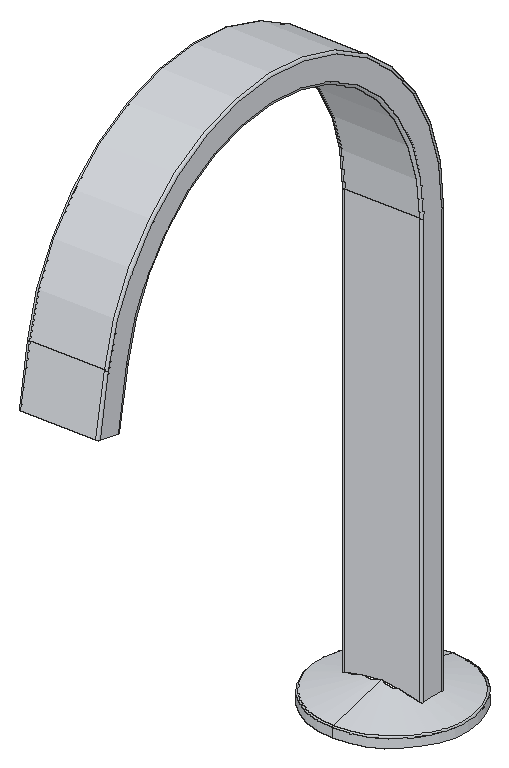
Revit family "Faucet-Lavatory-Spout-KOHLER-COMPONENTS-K-77968BR", category Plumbing Fixtures, host Face, Revit 2017
Family settings
  Host = Face
  Round Connector Dimension = Use Diameter
  Part Type = Normal
  OmniClass Number = 23.31.11.00
  OmniClass Title = Faucets
  Cut with Voids When Loaded = No
  Shared = No
  Room Calculation Point = No
Parameters (values of type "CP- Polished Chrome")
  Width = 2 93/256"  # constant formula
  WaterSense Certified = 1 = 0  # no
  Waste Water Outlet = "Waste Water Outlet"  # constant formula
  Waste Connection = 1 = 0  # no
  Vent Connection = 1 = 0  # no
  URL = "https://br.kohler.com/"
  Type = 1
  Spout Reach = Length  # 6 5/16"
  Product Page URL = "https://br.kohler.com/product-detail/77968br?skuid=K-77968BR-CP"
  Product Name = "COMPONENTS"  # constant formula
  Product Documentation Link = ""
  Pressure = 0.00 psi  # constant formula
  Model = if(Type = 1, "K-77968BR-CP", if(Type = 2, "K-77968BR-BN", if(Type = 3, "K-77968BR-RGD", if(Type = 4, "K-77968BR-BL", "NA"))))  # "K-77968BR-CP"
  Material = "Premium Metal Construction"  # constant formula
  Master Format 2014 Name = "Residential Faucets, Supplies, and Trim"  # constant formula
  Master Format 2014 = "22 41 39"  # constant formula
  Manufacturer Address = "Rio de Janeiro MULTIREPAROS RUA BATISTA DA COSTA, Nº 352 | STORE B Rio de Janeiro SÃO GONÇALO 24450-470"  # constant formula
  Manufacturer = "KOHLER Co."  # constant formula
  Length = 6 5/16"  # constant formula
  Hot Water Inlet = "Hot Water Inlet"  # constant formula
  Height = 10 3/8"  # constant formula
  HW Connection = 1 = 1  # yes
  Flow Rate = 0 GPM  # constant formula
  Finish = Kohler-Metal-CP-Polished_Chrome
  Environmental Product Declaration = ""
  Drain Included = 1 = 1  # yes
  Description = "Ribbon spout for washbasin mixer"  # constant formula
  Default Elevation = 36"
  Declare Label = ""
  Date Modified = "09/14/2021"  # constant formula
  Date Created = "09/14/2021"  # constant formula
  Copyright = "Copyright KOHLER Co."  # constant formula
  Contact Us = "https://br.kohler.com/asr-listing"
  Cold Water Inlet = "Cold Water Inlet"  # constant formula
  CW Connection = 1 = 1  # yes
  Assembly Code = "D2010"
  ADA Compliant = 1 = 0  # no
Types (5): name | Type | Product Page URL | Model | Finish
  (no name) | 1 | "https://br.kohler.com/product-detail/77968br?skuid=K-77968BR-CP" | "K-77968BR-CP" | Kohler-Metal-CP-Polished_Chrome
  CP- Polished Chrome | 1 | "https://br.kohler.com/product-detail/77968br?skuid=K-77968BR-CP" | "K-77968BR-CP" | Kohler-Metal-CP-Polished_Chrome
  BN-Vibrant Brushed Nickel | 2 | "https://br.kohler.com/product-detail/77968br?skuid=K-77968BR-BN" | "K-77968BR-BN" | Kohler-Metal-BN-Vibrant_Brushed_Nickel
  RGD-Polished Rose Gold | 3 | "https://br.kohler.com/product-detail/77968br?skuid=K-77968BR-RGD" | "K-77968BR-RGD" | Kohler-Metal-RGD-Polished_Rose_Gold
  BL-Matte Black | 4 | "https://br.kohler.com/product-detail/77968br?skuid=K-77968BR-BL" | "K-77968BR-BL" | Kohler-Metal-BL-Matte_Black
Reference planes (in)
  plane 1 "Center (Front/Back)": y = 0
  plane 2: z = 0
  plane 3 "Center (Left/Right)": x = 0
  plane 4: x = 1.18164
  plane 5: x = -1.18164
  plane 6: y = 1.1811
  plane 7: y = -1.1811
  plane 8: x = -0.62992
  plane 9: x = 0.62992
  plane 10: z = 10.375
  plane 11: y = -6.3125
  plane 12: z = 6.6875
  plane 13: through (0, -6.52575, 5.48009) normal (0, 0.9848, -0.1736)
  plane 14: y = -0.21654
  plane 15: y = 0.21654
  plane 16: x = -0.43307
  plane 17: x = 0.43307
Dimensions and locks (in)
  "Width": plane 5 to plane 4
  locked: plane 7 to plane 6 at 2.3622
  locked: plane 8 to plane 9 at 1.25984
  "Length": plane 1 "Center (Front/Back)" to plane 11
  locked: level to plane 12 at 6.6875
  "Height": level to plane 10
  locked: nested 1 to nested 1 at 0.43307
  locked: plane 11 to plane 13 (angle 10.0001°)
  aligned and locked: plane 2 to host face
  aligned and locked: level to host face
  aligned and locked: plane 3 "Center (Left/Right)" to nested 1
  aligned and locked: plane 1 "Center (Front/Back)" to nested 1
  aligned and locked: plane 4 to nested 1
  aligned and locked: plane 5 to nested 1
  aligned and locked: plane 6 to nested 1
  aligned and locked: plane 7 to nested 1
  aligned and locked: plane 8 to nested 1
  aligned and locked: plane 9 to nested 1
  aligned and locked: plane 10 to nested 1
  aligned and locked: plane 11 to nested 1
  aligned and locked: plane 12 to nested 1
  aligned and locked: plane 13 to nested 1
  aligned and locked: plane 14 to nested 1
  aligned and locked: plane 15 to nested 1
Automatic sketch dimensions
  host sketch curve to host sketch curve = 96"  (x2)
Nested families (in)
  nested 1: "K-77968BR" at (0.00054, 0, 0), type "K-77968BR"
Connectors (in)
  piping at (-0.43253, 0, 0), diameter 0.5, driven by "Flow Rate", driven by "HW Connection", driven by "Hot Water Inlet", driven by "Pressure"
    settings: on nested 1, index 1, connector inside diameter 24", connector length 0", flow factor 0, pipe flow 0 GPM, pressure drop 0.00 psi, fitting loss kfactor 0, connector angle 0.00°, fixture units 0, engagement length 0", angle of deflection 0.00°, flow configuration 0, flow direction 1, fitting loss method 0, system type 19, joint type 0, gender type 0, connector reference index -1, connector utility 1, adjustable connector no, is connector primary yes, connector description "Hot Water Inlet"
  piping at (0.43361, 0, 0), diameter 0.5, driven by "Flow Rate", driven by "CW Connection", driven by "Cold Water Inlet", driven by "Pressure"
    settings: on nested 1, index 2, connector inside diameter 24", connector length 0", flow factor 0, pipe flow 0 GPM, pressure drop 0.00 psi, fitting loss kfactor 0, connector angle 0.00°, fixture units 0, engagement length 0", angle of deflection 0.00°, flow configuration 0, flow direction 1, fitting loss method 0, system type 20, joint type 0, gender type 0, connector reference index -1, connector utility 1, adjustable connector no, is connector primary no, connector description "Cold Water Inlet"
Definition of nested family "K-77968BR"
  Parameters (values of type "K-77968BR")
    Material = none
  Reference planes (in)
    plane 1 "Center (Front/Back)": y = 0
    plane 2: z = 0
    plane 3 "Center (Left/Right)": x = 0
    plane 4: z = 10.375
    plane 5: y = -6.3125
    plane 6: z = 6.6875
    plane 7: z = 10.15846
    plane 8: x = -1.1811
    plane 9: x = -0.62992
    plane 10: x = 1.1811
    plane 11: x = 0.62992
    plane 12: y = 1.1811
    plane 13: y = -1.1811
    plane 14: y = 0.21654
    plane 15: y = -0.21654
    plane 16: through (0, -6.31283, 6.68756) normal (0, -0.9848, 0.1736)
    plane 17: x = -0.43307
    plane 18: x = 0.43307
  Forms (in)
    Sweep 1, solid, material <- "Material", detail levels medium+fine
      path origin (0, 0, 0) x (0, 1, 0) y (0, 0, 1)
        loop
          line (0, 0.17727) -> (0, 7.05692)
          arc (0, 7.05692) -> (-2.82961, 10.1449) -> (-6.15245, 7.5952) r 3.09977
          line (-6.15245, 7.5952) -> (-6.3125, 6.6875)
      profile origin (0, 0, 0.17727) x (0, -1, 0) y (1, 0, 0)
        loop
          line (0.17717, 0.625) -> (-0.17717, 0.625)
          arc (-0.17717, 0.625) -> (-0.205, 0.61347) -> (-0.21654, 0.58563) r 0.03937
          line (-0.21654, 0.58563) -> (-0.21654, -0.58563)
          arc (-0.21654, -0.58563) -> (-0.205, -0.61347) -> (-0.17717, -0.625) r 0.03937
          line (-0.17717, -0.625) -> (0.17717, -0.625)
          arc (0.17717, -0.625) -> (0.205, -0.61347) -> (0.21654, -0.58563) r 0.03937
          line (0.21654, -0.58563) -> (0.21654, 0.58563)
          arc (0.21654, 0.58563) -> (0.205, 0.61347) -> (0.17717, 0.625) r 0.03937
    Revolve 2, solid, material <- "Material", detail levels medium+fine
      sketch origin (0, 0, 0) x (0, 1, 0) y (0, 0, 1)
        loop
          line (0, 0) -> (1.18111, 0) -> (1.18111, 0.13926)
          arc (1.18111, 0.13926) -> (1.17614, 0.15359) -> (1.16338, 0.16177) r 0.02316
          line (1.16338, 0.16177) -> (0, 0.4424) -> (0, 0)
        axis (0, 0.4424) -> (0, 0)
      angle from 0 to 360
    Extrusion 3, solid, material <- "Material", detail levels coarse
      sketch origin (0, 0, 0) x (1, 0, 0) y (0, 1, 0)
        loop
          circle (0, 0) r 1.1811
      from 0 to 0.32403
    Extrusion 4, solid, material <- "Material", detail levels coarse
      sketch origin (0, 0, 0) x (0, 1, 0) y (0, 0, 1)
        loop
          arc (-5.9394, 7.56037) -> (-2.84857, 9.93205) -> (-0.21654, 7.05968) r 2.88334
          line (-0.21654, 7.05968) -> (-0.21654, 0.19919) -> (0.21654, 0.19919) -> (0.21654, 7.05892)
          arc (0.21654, 7.05892) -> (-2.81057, 10.36243) -> (-6.36535, 7.63476) r 3.31613
          line (-6.36535, 7.63476) -> (-6.52575, 6.7251) -> (-6.09992, 6.65002) -> (-5.9394, 7.56037)
      from -0.625 to 0.625
    Extrusion 5, solid, material <- "Material"
      sketch origin (0, 0, 0) x (1, 0, 0) y (0, 1, 0)
        loop
          circle (-0.43307, 0) r 0.07874
        loop
          circle (0.43307, 0) r 0.07874
      from 0 to 0.11811
  Cuts and joins
    joined: Extrusion 3, Extrusion 4
    joined: Sweep 1, Revolve 2
  Lines and regions (in)
    Masking region 1
      outline origin (0, 0, 0) x (0, 1, 0) y (0, 0, 1)
        loop
          line (1.18111, 0) -> (1.18111, 0.13933)
          arc (1.18111, 0.13933) -> (1.17617, 0.1536) -> (1.16346, 0.16175) r 0.02306
          line (1.16346, 0.16175) -> (0.21654, 0.39061) -> (0.21654, 7.05892)
          arc (0.21654, 7.05892) -> (-2.81057, 10.36243) -> (-6.36535, 7.63476) r 3.31613
          line (-6.36535, 7.63476) -> (-6.52575, 6.7251) -> (-6.09992, 6.65002) -> (-5.9394, 7.56037)
          arc (-5.9394, 7.56037) -> (-2.84857, 9.93205) -> (-0.21654, 7.05968) r 2.88334
          line (-0.21654, 7.05968) -> (-0.21654, 0.39061) -> (-1.16346, 0.16175)
          arc (-1.16346, 0.16175) -> (-1.17617, 0.1536) -> (-1.18111, 0.13933) r 0.02306
          line (-1.18111, 0.13933) -> (-1.18111, 0) -> (1.18111, 0)
    Masking region 2
      outline origin (0.0064, 0, 0) x (1, 0, 0) y (0, 0, 1)
        loop
          line (-0.63632, 0.29379) -> (-1.16986, 0.16175)
          arc (-1.16986, 0.16175) -> (-1.18256, 0.1536) -> (-1.1875, 0.13933) r 0.02306
          line (-1.1875, 0.13933) -> (-1.1875, 0) -> (1.1747, 0) -> (1.1747, 0.14242)
          arc (1.1747, 0.14242) -> (1.16976, 0.15669) -> (1.15706, 0.16484) r 0.02306
          line (1.15706, 0.16484) -> (0.62352, 0.29379) -> (0.62352, 10.33563)
          arc (0.62352, 10.33563) -> (0.61199, 10.36347) -> (0.58415, 10.375) r 0.03937
          line (0.58415, 10.375) -> (-0.59695, 10.375)
          arc (-0.59695, 10.375) -> (-0.62479, 10.36347) -> (-0.63632, 10.33563) r 0.03937
          line (-0.63632, 10.33563) -> (-0.63632, 0.2907)
    Masking region 3
      outline origin (0, 0, 0) x (1, 0, 0) y (0, 1, 0)
        loop
          arc (0.62992, -0.99912) -> (0, 1.18108) -> (-0.62992, -0.99912) r 1.1811
          line (-0.62992, -0.99912) -> (-0.62992, -6.52575) -> (0.62992, -6.52575) -> (0.62992, -0.99912)
    symbolic lines, detail levels medium+fine
      curve 1: line (0, -0.21654, 0.39061) -> (0, -0.21654, 0.27167)
      curve 2: line (0, -0.21654, 0.27167) -> (0, 0.21654, 0.27167)
      curve 3: line (0, 0.21654, 0.27167) -> (0, 0.21654, 0.39061)
      curve 4: line (-0.59055, 0.21654, 0) -> (0.59055, 0.21654, 0)
      curve 5: line (0.62992, -1.00218, 0) -> (0.62992, 0.17717, 0)
      curve 6: line (-0.62992, 0.17717, 0) -> (-0.62992, -1.00218, 0)
      curve 7: line (0, 1.18111, 0.13933) -> (0, -1.18111, 0.13933)
      curve 8: line (0.62992, 0, 6.7251) -> (-0.62992, 0, 6.7251)
      curve 9: line (-0.62992, 0, 6.6499) -> (0.62992, 0, 6.6499)
      curve 10: line (-1.1811, 0, 0.13933) -> (1.1811, 0, 0.13933)
      curve 11: arc (-0.59055, 0.21654, 0) -> (-0.61839, 0.205, 0) -> (-0.62992, 0.17717, 0) r 0.03937
      curve 12: arc (0.59055, 0.21654, 0) -> (0.61839, 0.205, 0) -> (0.62992, 0.17717, 0) r 0.03937
      curve 13: line (-0.21206, 0, 1.26981) -> (0.21654, 0, 1.26981)
      curve 14: line (-0.21206, 0, 1.19701) -> (-0.21206, 0, 1.26981)
      curve 15: line (0.21654, 0, 1.19701) -> (-0.21206, 0, 1.19701)
      curve 16: line (0.21654, 0, 1.26981) -> (0.21654, 0, 1.19701)
      curve 17: arc (0.62992, 0, 0.29379) -> (0, 0, 0.39921) -> (-0.62992, 0, 0.29379) r 1.93477
  Dimensions and locks (in)
    plane 1 "Center (Front/Back)" to plane 5 = 6 5/16"
    level to plane 4 = 10 3/8"
    plane 8 to plane 10 = 2.3622"
    plane 4 to level = 10 3/8"
    plane 6 to level = 6 11/16"
    plane 12 to plane 13 = 2.3622"
    aligned and locked: plane 2 to level
